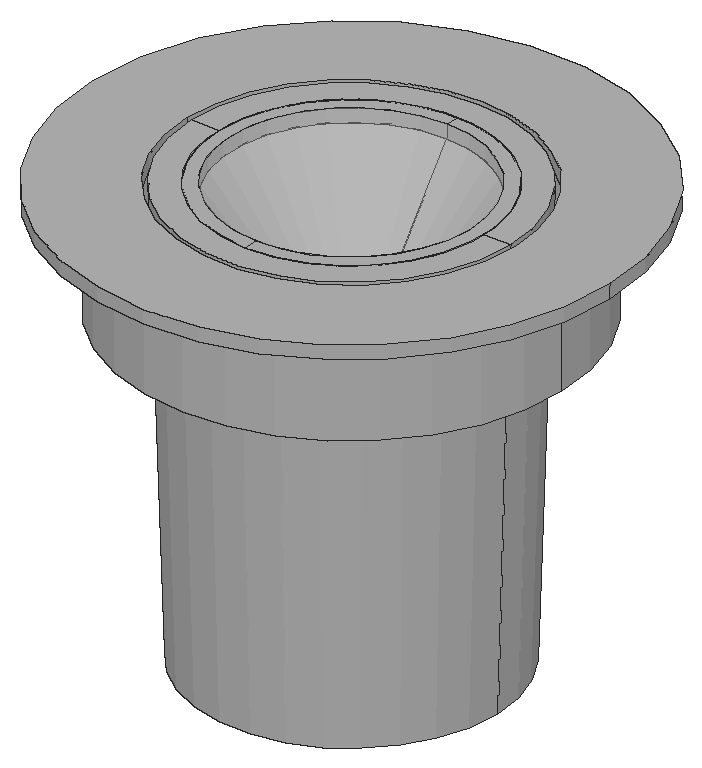
Revit family "3079353 Feilo Sylvania Lighting Fixture INST ECO KIT LED ADJ WH 36° NW", category Lighting Fixtures, host Face, Revit 2017
Family settings
  Host = Face
  Round Connector Dimension = Use Diameter
  Part Type = Normal
  OmniClass Number = 23.80.70.11.17
  OmniClass Title = Specialized Lighting by Location or Use
  Cut with Voids When Loaded = No
  Light Source = No
  Shared = No
  Room Calculation Point = No
Parameters (values of type "3079353 INST ECO KIT LED ADJ WH 36° NW")
  Weight = "6.56 kg"
  WarrantyStartDate [instance] = "n/a"
  WarrantyGuarantorParts = "n/a"
  WarrantyDurationUnit = "n/a"
  WarrantyDurationParts = "n/a"
  WarrantyDescription = "n/a"
  Voltage = 230 V
  URL = "http://www.sylvania-lighting.com"
  TypeName = "INST ECO KIT LED ADJ WH 36° NW"
  TypeHead_FEILO = Rotateable Head : 3079353 INST ECO KIT LED ADJ WH 36° NW
  SerialNumber [instance] = "n/a"
  PowerFactor = 0
  PowerConsumption = "10 W"
  NominalWidth = 0.0 mm
  NominalLength = 78.0 mm
  NominalHeight = 62.0 mm
  Name = "INST ECO KIT LED ADJ WH 36° NW"
  ModelReference = "INST ECO KIT LED ADJ WH 36° NW"
  ModelNumber = "3079353"
  Material_1_FEILO = Aluminum_Sylvania_Instar Eco Kit Adjustable SunDim_Bright
  RecessedDepth_FEILO = Height_FEILO + 38.0 mm  # 100.0 mm
  Material = "aluminium housing, plastic diffuser"
  ManufacturerName = "Feilo Sylvania"
  LuminousEfficacy = "51.5 lm/W"
  LuminaireType = ""
  LightOutputRatio = "100"
  LampsType = Lamp  # "LED"
  LampNominalLuminous = "515 lm"
  LampMacAdamStep = "n/a"
  LampColourTemperature = "4000 K"
  LampColourRenderingIndex = "83"
  Keynote = "16500"
  InstallationDate [instance] = "n/a"
  InputVoltage = "220-240V~"
  InputNominalFrequency = "n/a"
  IngressProtection = "IP23"
  ImpactProtectionIndex = "IK02"
  IfcExportType = "IfcLightFixtureType"
  IfcExportAs = "IfcLightFixtureType"
  HeadRadius_FEILO = HeadDiameter_FEILO / 2  # 24.0 mm
  HeadDiameter_FEILO = AccessoryInnerDiameter_FEILO - 1.5 mm  # 48.0 mm
  ExpectedLife = 50000
  EndAngle_FEILO [instance] = FixtureTiltAngle_FEILO + 180.00°  # 180.00°
  ElectricShockClassification = "Class II"
  DurationUnit = "hours"
  DocumentationLiterature = "http://www.sylvania-lighting.com/product/en-int/products/3079353"
  DimmingControlOptions = "Dimmable"
  CreatedOn = "2/19/2018"
  CreatedBy = ""
  BarCode [instance] = "n/a"
  AssetType = "Fixed"
  AssetIdentifier [instance] = "n/a"
  AccessoryBodyOuterDiameter_FEILO = AccessoryInnerDiameter_FEILO + 14.0 mm  # 63.5 mm
  Offset_FEILO = -5.3 mm  # constant formula
  Diameter_FEILO = AccessoryOuterDiameter_FEILO  # 78.0 mm
  AccessoryInnerDiameter_FEILO = 49.5 mm
  Height_FEILO = 62.0 mm
  FixtureTiltAngle_FEILO [instance] = 0.00°
  CutoutDiameter_FEILO = Diameter_FEILO - 10.0 mm  # 68.0 mm
  Material_2_FEILO = Aluminum_Sylvania_Instar Eco Kit Adjustable SunDim_White
  Material_3_FEILO = Aluminum_Sylvania_Instar Eco Kit Adjustable SunDim_White
  built-in parameter 1114216 [instance] = 1 (stored number, unit not read)
  Model = "INST ECO KIT LED ADJ WH 36° NW"
  Manufacturer = "Feilo Sylvania"  # constant formula
  Lamp = "LED"
  Material_4_FEILO = Glass_Sylvania_Instar Eco Kit Adjustable SunDim_Clear
  Description = "Utilsing SunDim technology to acheive warmer colour temperature as the fitting is dimmed. Incredible colour quality with 92  to 94 CRI. 12W LED white downlight. Ideal for hospitality accent and display lighting applications such as bathrooms, wellness areas, terraces or porches. Choice of fixed, adjustable and dimmable fixed versions. Comes complete and ready to install with its driver. Available in white and brushed aluminium finishes. Outstanding performace, up to 545lm - at 3,000K. A small 68mm round cut out is required, giving the ability to place your light source almost anywhere due to a shallow luminaire depth of 49.9mm. Quick and easy to install. No UV or IR radiations. LED technology provides energy efficient solution and reduced maintenance costs"  # constant formula
  Default Elevation = 0.0 mm
  built-in parameter 1140040 [instance] = 1
  Assembly Code = "D5020200"
  Apparent Load = 10 VA
  AccessoryBodyInnerDiameter_FEILO = 60.0 mm
  AccessoryOuterDiameter_FEILO = AccessoryBodyInnerDiameter_FEILO + 18.0 mm  # 78.0 mm
Reference planes
  plane 1 "Center (Front/Back)": y = 0
  plane 2: z = 0
  plane 3 "Center (Left/Right)": x = 0
  plane 4 "Fixture Bottom": z = 2
  plane 5 "Accessory Top": z = -15
  plane 6 "Rotation Plane": z = -5.29
  plane 7: y = 5
  plane 8: y = -5
  plane 9: x = -5
Forms (mm)
  Extrusion 1, void
    sketch origin (0, 0, 58) x (-1, 0, 0) y (0, -1, 0)
      loop
        circle (0, 0) r 34
    from -376.952 to -56
  Extrusion 2, solid, material "Aluminum_Sylvania_Instar Eco Kit Adjustable SunDim_White" <- "Material_3_FEILO"
    sketch origin (0, 0, 58) x (-1, 0, 0) y (0, -1, 0)
      loop
        circle (0, 0) r 39
      loop
        circle (0, 0) r 24.75
    from -58 to -56
  Extrusion 3, solid, material "Aluminum_Sylvania_Instar Eco Kit Adjustable SunDim_White" <- "Material_3_FEILO"
    sketch origin (0, 0, 58) x (-1, 0, 0) y (0, -1, 0)
      loop
        circle (0, 0) r 30
      loop
        circle (0, 0) r 31.75
    from -73 to -58
  Revolve 4, solid, not visible
    sketch origin (1.164, -4572, -5.29) x (-1, 0, 0) y (0, -1, 0)
      loop
        line (1.164, -4577) -> (6.164, -4577) -> (6.164, -4567) -> (1.164, -4567) -> (1.164, -4577)
      axis (1.164, -4577) -> (1.164, -4567)
    angle from 0 <- "FixtureTiltAngle_FEILO" to 180 <- "EndAngle_FEILO"
Cuts and joins
  joined: Extrusion 2, Extrusion 3
Dimensions and locks
  locked: plane 4 "Fixture Bottom" to plane 2 at 2
  locked: plane 2 to plane 5 "Accessory Top" at 15
  locked: plane 2 to plane 6 "Rotation Plane" at 5.29
  plane 8 to plane 1 "Center (Front/Back)" to plane 7 = 5.0 mm locked, 5.0 mm locked
  locked: plane 9 to plane 3 "Center (Left/Right)" at 5
  "AccessoryOuterDiameter_FEILO": diameter of Extrusion 2 sketch curve
  "AccessoryInnerDiameter_FEILO": diameter of Extrusion 2 sketch curve
  "AccessoryBodyOuterDiameter_FEILO": diameter of Extrusion 3 sketch curve
  "AccessoryBodyInnerDiameter_FEILO": diameter of Extrusion 3 sketch curve
  "CutoutDiameter_FEILO": diameter of Extrusion 1 sketch curve
  aligned and locked: plane 2 to host face
  aligned and locked: level to host face
  aligned and locked: Extrusion 2 to plane 2
  aligned and locked: plane 4 "Fixture Bottom" to Extrusion 2
  aligned and locked: plane 2 to Extrusion 3
  aligned and locked: Extrusion 3 to plane 5 "Accessory Top"
  aligned and locked: plane 4 "Fixture Bottom" to Extrusion 1
  aligned and locked: plane 3 "Center (Left/Right)" to Revolve 4 sketch curve
  aligned and locked: Revolve 4 sketch curve to plane 3 "Center (Left/Right)"
  aligned and locked: nested 1 to Revolve 4
  aligned and locked: nested 1 to plane 1 "Center (Front/Back)"
  aligned and locked: plane 8 to Revolve 4 sketch curve
  aligned and locked: Revolve 4 sketch curve to plane 7
  aligned and locked: Revolve 4 sketch curve to plane 9
Automatic sketch dimensions
  host sketch curve to host sketch curve = 345.0 mm
  host sketch curve to host sketch curve = 280.0 mm
  Revolve 4 sketch curve to plane 3 "Center (Left/Right)" = 0.0 mm  (x2)
  Revolve 4 sketch curve to plane 7 = 806.717 mm
  plane 8 to Revolve 4 sketch curve = 758.171 mm
  plane 1 "Center (Front/Back)" to Extrusion 1 sketch curve = 0.0 mm
  Extrusion 1 sketch curve to plane 3 "Center (Left/Right)" = 0.0 mm
  Extrusion 2 sketch curve to Extrusion 2 sketch curve = 0.0 mm  (x2)
  plane 1 "Center (Front/Back)" to Extrusion 2 sketch curve = 0.0 mm
  Extrusion 2 sketch curve to plane 3 "Center (Left/Right)" = 0.0 mm
  Extrusion 3 sketch curve to Extrusion 3 sketch curve = 0.0 mm  (x2)
  plane 1 "Center (Front/Back)" to Extrusion 3 sketch curve = 0.0 mm
  Extrusion 3 sketch curve to plane 3 "Center (Left/Right)" = 0.0 mm
Nested families
  nested 1: "Rotateable Head" at (0, -1.973, 0.01) x (1, 0, 0) z (0, 0, -1), type <- "TypeHead_FEILO", type "3079353 INST ECO KIT LED ADJ WH 36° NW"
Definition of nested family "Rotateable Head"
  Parameters (values of type "3079456 INST ECO KIT LED ADJ BA 2.7K DIMMABLE")
    Wattage = 10 W
    built-in parameter 1150110 = 1 (stored number, unit not read)
    URL = "http://www.feilosylvania.com"
    built-in parameter 1114217 = 1 (stored number, unit not read)
    Tilt Angle = 90.00°
    built-in parameter 1150109 = 1 (stored number, unit not read)
    built-in parameter 1150134 = (empty or 0)
    built-in parameter 1150113 = 1 (stored number, unit not read)
    Model = "INST ECO KIT LED ADJ BA 2.7K DIMMABLE"
    Material_1_FEILO = none
    Photometric Web File = "3079456.ies"
    Outer Radius = 24.0 mm
    Manufacturer = "Feilo Sylvania"
    built-in parameter 1150105 = 854.9 (stored number, unit not read)
    Lumens = 450 lm
    built-in parameter 1150115 = 1 (stored number, unit not read)
    built-in parameter 1150137 = (empty or 0)
    built-in parameter 1150139 = (empty or 0)
    built-in parameter 1150112 = 1 (stored number, unit not read)
    built-in parameter 1150114 = 1 (stored number, unit not read)
    Lamp = "LED"
    Keynote = "16500"
    Inner Radius = Outer Radius - 4.0 mm  # 20.0 mm
    built-in parameter 1150132 = 2
    built-in parameter 1150102 = (empty or 0)
    built-in parameter 1150107 = 2700 (stored number, unit not read)
    built-in parameter 1150138 = (empty or 0)
    built-in parameter 1150106 = 8.549 (stored number, unit not read)
    Height = 62.0 mm
    Emit from Circle Diameter = Diffuser Radius * 2  # 36.0 mm
    Emit Shape Visible in Rendering = no
    built-in parameter 1150104 = 4.1806 (stored number, unit not read)
    Dimming Lamp Color Temperature Shift = (empty or 0)
    Diffuser Radius = Outer Radius - 6.0 mm  # 18.0 mm
    Material_2_FEILO = none
    Description = "25° tiltable, IP23 Accent downlight perfect for 50W Halogen retrofits. Optimal solution in size and luminous efficiency for hospitality and accent and display lighting applications with a 36° beam and 450 lumen output. The downlight provides 2700K CCT and also comes including a dimmable driver."
    Default Elevation = 0.0 mm
    Color Filter = 16777215
    Material_3_FEILO = none
    built-in parameter 1114218 = 1 (stored number, unit not read)
    built-in parameter 1150133 = 10 (stored number, unit not read)
    Assembly Code = "D5020200"
    Apparent Load = 10 VA
  Types (12, lengths in mm): name | built-in parameter 1150134 | Model | Photometric Web File | built-in parameter 1150105 | Lumens | built-in parameter 1150107 | built-in parameter 1150106 | built-in parameter 1150104 | Description
    3079456 INST ECO KIT LED ADJ BA 2.7K DIMMABLE | (empty or 0) | "INST ECO KIT LED ADJ BA 2.7K DIMMABLE" | "3079456.ies" | 854.9 (stored number, unit not read) | 450 lm | 2700 (stored number, unit not read) | 8.549 (stored number, unit not read) | 4.1806 (stored number, unit not read) | "25° tiltable, IP23 Accent downlight perfect for 50W Halogen retrofits. Optimal solution in size and luminous efficiency for hospitality and accent and display lighting applications with a 36° beam and 450 lumen output. The downlight provides 2700K CCT and also comes including a dimmable driver."
    3079455 INST ECO KIT LED ADJ WH 2.7K DIMMABLE | (empty or 0) | "INST ECO KIT LED ADJ WH 2.7K DIMMABLE" | "3079455.ies" | 854.9 (stored number, unit not read) | 450 lm | 2700 (stored number, unit not read) | 8.549 (stored number, unit not read) | 4.1806 (stored number, unit not read) | "25° tiltable, IP23 Accent downlight perfect for 50W Halogen retrofits. Optimal solution in size and luminous efficiency for hospitality and accent and display lighting applications with a 36° beam and 450 lumen output. The downlight provides 2700K CCT and also comes including a dimmable driver."
    3079454 INST ECO KIT LED ADJ BA NW DIMMABLE | 12 | "INST ECO KIT LED ADJ BA NW DIMMABLE" | "3079454.ies" | 981.6 (stored number, unit not read) | 515 lm | 4000 (stored number, unit not read) | 9.816 (stored number, unit not read) | 4.7845 (stored number, unit not read) | "25° tiltable, IP23 Accent downlight perfect for 50W Halogen retrofits. Optimal solution in size and luminous efficiency for hospitality and accent and display lighting applications with a 36° beam and 515 lumen output. The downlight provides 4000K CCT and also comes including a dimmable driver."
    3079453 INST ECO KIT LED ADJ WH NW DIMMABLE | 12 | "INST ECO KIT LED ADJ WH NW DIMMABLE" | "3079453.ies" | 981.6 (stored number, unit not read) | 515 lm | 4000 (stored number, unit not read) | 9.816 (stored number, unit not read) | 4.7845 (stored number, unit not read) | "25° tiltable, IP23 Accent downlight perfect for 50W Halogen retrofits. Optimal solution in size and luminous efficiency for hospitality and accent and display lighting applications with a 36° beam and 515 lumen output. The downlight provides 4000K CCT and also comes including a dimmable driver."
    3079452 INST ECO KIT LED ADJ BA WW DIMMABLE | (empty or 0) | "INST ECO KIT LED ADJ BA WW DIMMABLE" | "3079452.ies" | 846.87 (stored number, unit not read) | 462 lm | 3000 (stored number, unit not read) | 8.4687 (stored number, unit not read) | 4.2921 (stored number, unit not read) | "25° tiltable, IP23 Accent downlight perfect for 50W Halogen retrofits. Optimal solution in size and luminous efficiency for hospitality and accent and display lighting applications with a 36° beam and 462 lumen output. The downlight provides 3000K CCT and also comes including a dimmable driver."
    3079451 INST ECO KIT LED ADJ WH WW DIMMABLE | (empty or 0) | "INST ECO KIT LED ADJ WH WW DIMMABLE" | "3079451.ies" | 846.87 (stored number, unit not read) | 462 lm | 3000 (stored number, unit not read) | 8.4687 (stored number, unit not read) | 4.2921 (stored number, unit not read) | "25° tiltable, IP23 Accent downlight perfect for 50W Halogen retrofits. Optimal solution in size and luminous efficiency for hospitality and accent and display lighting applications with a 36° beam and 462 lumen output. The downlight provides 3000K CCT and also comes including a dimmable driver."
    3079356 INST ECO KIT LED ADJ BA 2700K | (empty or 0) | "INST ECO KIT LED ADJ BA 2700K" | "3079356.ies" | 854.9 (stored number, unit not read) | 450 lm | 2700 (stored number, unit not read) | 8.549 (stored number, unit not read) | 4.1806 (stored number, unit not read) | "25° tiltable, IP23 Accent downlight perfect for 50W Halogen retrofits. Optimal solution in size and luminous efficiency for hospitality and accent and display lighting applications with a 36° beam and 450 lumen output. The downlight provides 2700K CCT and also comes including a non dimmable driver."
    3079355 INST ECO KIT LED ADJ WH 2700K | (empty or 0) | "INST ECO KIT LED ADJ WH 2700K" | "3079355.ies" | 854.9 (stored number, unit not read) | 450 lm | 2700 (stored number, unit not read) | 8.549 (stored number, unit not read) | 4.1806 (stored number, unit not read) | "25° tiltable, IP23 Accent downlight perfect for 50W Halogen retrofits. Optimal solution in size and luminous efficiency for hospitality and accent and display lighting applications with a 36° beam and 450 lumen output. The downlight provides 2700K CCT and also comes including a non dimmable driver."
    3079354 INST ECO KIT LED ADJ BA 36° NW | 12 | "INST ECO KIT LED ADJ BA 36° NW" | "3079354.ies" | 981.6 (stored number, unit not read) | 515 lm | 4000 (stored number, unit not read) | 9.816 (stored number, unit not read) | 4.7845 (stored number, unit not read) | "25° tiltable, IP23 Accent downlight perfect for 50W Halogen retrofits. Optimal solution in size and luminous efficiency for hospitality and accent and display lighting applications with a 36° beam and 515 lumen output. The downlight provides 4000K CCT and also comes including a non dimmable driver."
    3079353 INST ECO KIT LED ADJ WH 36° NW | 12 | "INST ECO KIT LED ADJ WH 36° NW" | "3079353.ies" | 981.6 (stored number, unit not read) | 515 lm | 4000 (stored number, unit not read) | 9.816 (stored number, unit not read) | 4.7845 (stored number, unit not read) | "25° tiltable, IP23 Accent downlight perfect for 50W Halogen retrofits. Optimal solution in size and luminous efficiency for hospitality and accent and display lighting applications with a 36° beam and 515 lumen output. The downlight provides 4000K CCT and also comes including a non dimmable driver."
    3079352 INST ECO KIT LED ADJ BA 36° WW | (empty or 0) | "INST ECO KIT LED ADJ BA 36° WW" | "3079352.ies" | 846.87 (stored number, unit not read) | 462 lm | 3000 (stored number, unit not read) | 8.4687 (stored number, unit not read) | 4.2921 (stored number, unit not read) | "25° tiltable, IP23 Accent downlight perfect for 50W Halogen retrofits. Optimal solution in size and luminous efficiency for hospitality and accent and display lighting applications with a 36° beam and 462 lumen output. The downlight provides 3000K CCT and also comes including a non dimmable driver."
    3079351 INST ECO KIT LED ADJ WH 36° WW | (empty or 0) | "INST ECO KIT LED ADJ WH 36° WW" | "3079351.ies" | 846.87 (stored number, unit not read) | 462 lm | 3000 (stored number, unit not read) | 8.4687 (stored number, unit not read) | 4.2921 (stored number, unit not read) | "25° tiltable, IP23 Accent downlight perfect for 50W Halogen retrofits. Optimal solution in size and luminous efficiency for hospitality and accent and display lighting applications with a 36° beam and 462 lumen output. The downlight provides 3000K CCT and also comes including a non dimmable driver."
  Reference planes
    plane 1 "Center (Front/Back)": y = -1.973
    plane 2: z = 0
    plane 3 "Center (Left/Right)": x = 0
    plane 4: z = -2
    plane 5: z = 62
    plane 6: z = 58
    plane 7: z = 5.3
  Forms (mm)
    Revolve 1, solid, material <- "Material_1_FEILO", detail levels fine
      sketch origin (0, 0, 0) x (0, 1, 0) y (0, 0, 1)
        loop
          line (18.027, -2) -> (17.433, 17) -> (-1.973, 17) -> (-1.973, 15) -> (5.129, 15) -> (16.027, 0) -> (16.027, -2) -> (18.027, -2)
        axis (-1.973, 17) -> (-1.973, -2)
      angle from 0 to 360
    Extrusion 2, solid, material <- "Material_2_FEILO", detail levels fine
      sketch origin (0, 0, 0) x (1, 0, 0) y (0, 1, 0)
        loop
          circle (0, -1.973) r 18
      from -2 to 0
    Revolve 3, solid, material <- "Material_3_FEILO", detail levels fine
      sketch origin (0, -1.973, 0) x (1, 0, 0) y (0, 0, 1)
        loop
          line (-24, -2) -> (-20, -2) -> (-18.125, 58) -> (0, 58) -> (0, 62) -> (-22, 62) -> (-24, -2)
        axis (0, 62) -> (0, -2)
      angle from 0 to 360
    Revolve 4, solid, material <- "Material_3_FEILO", detail levels coarse+medium
      sketch origin (0, -1.973, 0) x (1, 0, 0) y (0, 0, 1)
        loop
          line (-24, -2) -> (0, -2) -> (0, 62) -> (-22, 62) -> (-24, -2)
        axis (0, 62) -> (0, -2)
      angle from 0 to 360
  Dimensions and locks
    "Outer Radius": plane 3 "Center (Left/Right)" to Revolve 3 sketch curve
    locked: Revolve 3 sketch curve to Revolve 3 sketch curve at 4
    locked: Revolve 3 sketch curve to Revolve 3 sketch curve at 3.998
    "Inner Radius": Revolve 1 sketch curve to plane 1 "Center (Front/Back)"
    locked: Revolve 1 sketch curve to Revolve 1 sketch curve at 2
    locked: plane 7 to plane 2 at 5.3
    "Outer Radius": imposter light to Revolve 4 sketch curve
    locked: level to plane 4 at 2
    locked: plane 5 to plane 6 at 4
    "Height": plane 5 to level
    "Diffuser Radius": radius of Extrusion 2 sketch curve
    aligned and locked: level to plane 2
    aligned and locked: Revolve 1 sketch curve to plane 4
    aligned and locked: plane 1 "Center (Front/Back)" to Revolve 1 sketch curve
    aligned and locked: Revolve 1 sketch curve to plane 1 "Center (Front/Back)"
    aligned and locked: plane 4 to Revolve 1 sketch curve
    aligned and locked: plane 2 to Revolve 1 sketch curve
    aligned and locked: Revolve 1 sketch curve to Revolve 1 sketch curve
    aligned and locked: Extrusion 2 to plane 4
    aligned and locked: plane 2 to Extrusion 2
    aligned and locked: Revolve 3 sketch curve to plane 5
    aligned and locked: Revolve 3 sketch curve to plane 6
    aligned and locked: Revolve 3 sketch curve to plane 3 "Center (Left/Right)"  (x2)
    aligned and locked: plane 3 "Center (Left/Right)" to imposter light
    aligned and locked: plane 1 "Center (Front/Back)" to imposter light
    aligned and locked: plane 4 to imposter light
    aligned and locked: Revolve 4 sketch curve to plane 5
    aligned and locked: Revolve 4 sketch curve to plane 4
    aligned and locked: Revolve 4 sketch curve to plane 3 "Center (Left/Right)"
  Automatic sketch dimensions
    Revolve 1 sketch curve to plane 1 "Center (Front/Back)" = 7.102 mm
    Revolve 1 sketch curve to Revolve 1 sketch curve = 12.304 mm
    Revolve 1 sketch curve to plane 7 = 9.7 mm
    Revolve 1 sketch curve to Revolve 1 sketch curve = 2.0 mm
    Revolve 1 sketch curve to plane 4 = 14.644 mm
    Revolve 1 sketch curve to Revolve 1 sketch curve = 17.617 mm
    plane 1 "Center (Front/Back)" to Extrusion 2 sketch curve = 0.0 mm
    Extrusion 2 sketch curve to plane 3 "Center (Left/Right)" = 0.0 mm
    Revolve 3 sketch curve to plane 4 = 0.0 mm
    Revolve 3 sketch curve to plane 4 = 30.928 mm
    Revolve 3 sketch curve to Revolve 3 sketch curve = 20.072 mm
    Revolve 4 sketch curve to plane 3 "Center (Left/Right)" = 0.0 mm
    Revolve 4 sketch curve to plane 3 "Center (Left/Right)" = 22.0 mm
    Revolve 4 sketch curve to Revolve 4 sketch curve = 30.928 mm
    Revolve 4 sketch curve to Revolve 4 sketch curve = 20.072 mm
